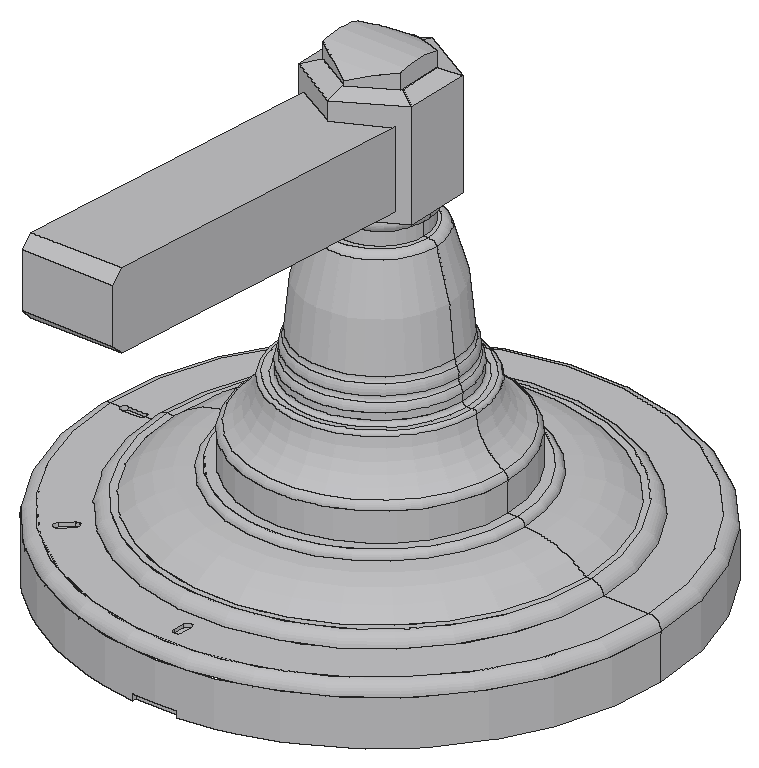
Revit family "Shower-Valve_Trim-KALLISTA-Town-P22713-1", category Specialty Equipment, host Face, Revit 2022 (continued)
Definition of nested family "P22713-LV"
  Automatic sketch dimensions
    Revolve 1 sketch curve to Revolve 1 sketch curve = 0.04932"
    Revolve 1 sketch curve to Revolve 1 sketch curve = 0"  (x7)
    Revolve 1 sketch curve to level = 0.19685"
    Revolve 1 sketch curve to Revolve 1 sketch curve = 0.7874"
    Extrusion 2 sketch curve to plane 3 "Center (Left/Right)" = 0.39214"
    Extrusion 2 sketch curve to plane 3 "Center (Left/Right)" = 0.00343"
    plane 3 "Center (Left/Right)" to Extrusion 2 sketch curve = 0.00521"
    plane 3 "Center (Left/Right)" to Extrusion 2 sketch curve = 0.40014"
    plane 1 "Center (Front/Back)" to Extrusion 2 sketch curve = 0.45451"
    plane 1 "Center (Front/Back)" to Extrusion 2 sketch curve = 0.23009"
    plane 1 "Center (Front/Back)" to Extrusion 2 sketch curve = 0.22151"
    Extrusion 2 sketch curve to plane 1 "Center (Front/Back)" = 0.2278"
    Extrusion 2 sketch curve to plane 1 "Center (Front/Back)" = 0.22919"
    Extrusion 2 sketch curve to Extrusion 2 sketch curve = 0.22802"
    plane 8 to Sweep 3 sketch curve = 0.12213"
    plane 1 "Center (Front/Back)" to Sweep 3 sketch curve = 0.12885"
    Sweep 3 sketch curve to plane 6 = 0.39226"
    Sweep 3 sketch curve to plane 6 = 0.20002"
    profile plane to Sweep 3 sketch curve = 0.08004"
    Sweep 3 sketch curve to profile plane = 0.45478"
    Sweep 3 sketch curve to plane 3 "Center (Left/Right)" = 0.32225"
    plane 3 "Center (Left/Right)" to Sweep 3 sketch curve = 0.31999"
    plane 8 to Extrusion 4 sketch curve = 0.34273"
    Extrusion 4 sketch curve to plane 6 = 0.10174"
    plane 8 to Extrusion 4 sketch curve = 0.28511"
    plane 8 to Extrusion 4 sketch curve = 0.00041"
    Extrusion 4 sketch curve to plane 8 = 0.075"
    Extrusion 4 sketch curve to plane 8 = 0.07692"
    Extrusion 4 sketch curve to Extrusion 4 sketch curve = 0.03196"
    Extrusion 4 sketch curve to Extrusion 4 sketch curve = 0.07733"
    Extrusion 4 sketch curve to Extrusion 4 sketch curve = 0.38368"
    Extrusion 4 sketch curve to Extrusion 4 sketch curve = 0.07541"
    Extrusion 4 sketch curve to Extrusion 4 sketch curve = 0.16563"
    Sweep 5 sketch curve to plane 3 "Center (Left/Right)" = 0.39214"
    Sweep 5 sketch curve to plane 3 "Center (Left/Right)" = 0.00343"
    plane 3 "Center (Left/Right)" to Sweep 5 sketch curve = 0.00521"
    plane 3 "Center (Left/Right)" to Sweep 5 sketch curve = 0.40014"
    plane 1 "Center (Front/Back)" to Sweep 5 sketch curve = 0.45451"
    plane 1 "Center (Front/Back)" to Sweep 5 sketch curve = 0.23009"
    plane 1 "Center (Front/Back)" to Sweep 5 sketch curve = 0.22151"
    Sweep 5 sketch curve to plane 1 "Center (Front/Back)" = 0.2278"
    Sweep 5 sketch curve to plane 1 "Center (Front/Back)" = 0.22919"
    Sweep 5 sketch curve to Sweep 5 sketch curve = 0.22802"
    Sweep 5 sketch curve to profile plane = 0"
    Sweep 5 sketch curve to profile plane = 0.11834"
    level to Sweep 5 sketch curve = 3.18286"
    Sweep 5 sketch curve to Sweep 5 sketch curve = 0.04075"
    Extrusion 6 sketch curve to plane 1 "Center (Front/Back)" = 0.02764"
    plane 4 to Extrusion 6 sketch curve = 0.18706"
    plane 1 "Center (Front/Back)" to Extrusion 6 sketch curve = 0.02818"
    Extrusion 6 sketch curve to Extrusion 6 sketch curve = 0.12193"
    Extrusion 6 sketch curve to plane 11 = 0.38034"
    Extrusion 6 sketch curve to Extrusion 6 sketch curve = 0.0219"  (x6)
    Extrusion 6 sketch curve to Extrusion 6 sketch curve = 0.06822"  (x2)
    Extrusion 6 sketch curve to plane 3 "Center (Left/Right)" = 0.0314"
    Extrusion 6 sketch curve to plane 3 "Center (Left/Right)" = 0.00023"
    Extrusion 6 sketch curve to plane 9 = 0.81443"
    Extrusion 6 sketch curve to plane 9 = 0.28708"
    Extrusion 6 sketch curve to Extrusion 6 sketch curve = 0.07652"
    Revolve 7 sketch curve to plane 4 = 0"
    Revolve 7 sketch curve to plane 3 "Center (Left/Right)" = 0"  (x2)
    Revolve 7 sketch curve to level = 0"
    plane 6 to Revolve 7 sketch curve = 5.40252"
    Revolve 7 sketch curve to plane 4 = 18.88588"
    Revolve 7 sketch curve to Revolve 7 sketch curve = 0.11174"
    Revolve 7 sketch curve to Revolve 7 sketch curve = 0.12247"
    Revolve 7 sketch curve to plane 11 = 0.51244"
    plane 11 to Revolve 7 sketch curve = 0.0198"
    Revolve 7 sketch curve to plane 3 "Center (Left/Right)" = 0.39187"
    Revolve 7 sketch curve to Revolve 7 sketch curve = 0.04591"
    Revolve 7 sketch curve to Revolve 7 sketch curve = 0.0326"
    Revolve 7 sketch curve to level = 0.22486"
    plane 7 to Revolve 7 sketch curve = 0.14914"
    Revolve 7 sketch curve to Revolve 7 sketch curve = 0.19685"
    Revolve 7 sketch curve to Revolve 7 sketch curve = 0.68144"
    Revolve 7 sketch curve to plane 6 = 1 47/256"
    Revolve 7 sketch curve to Revolve 7 sketch curve = 0.07585"
    Revolve 7 sketch curve to Revolve 7 sketch curve = 0.10198"
    Revolve 7 sketch curve to Revolve 7 sketch curve = 0.03674"
    Revolve 7 sketch curve to Revolve 7 sketch curve = 0"  (x3)
    Revolve 7 sketch curve to level = 0.98425"
    plane 7 to Revolve 7 sketch curve = 0.52488"
    plane 8 to Extrusion 8 sketch curve = 0.01386"
    plane 1 "Center (Front/Back)" to Extrusion 8 sketch curve = 0.14925"
    Extrusion 8 sketch curve to plane 6 = 0.84107"
    Extrusion 8 sketch curve to plane 6 = 0.65782"
    Extrusion 8 sketch curve to plane 6 = 0.29817"
    Extrusion 8 sketch curve to plane 6 = 0.11493"
    Revolve 9 sketch curve to plane 3 "Center (Left/Right)" = 0"  (x2)
    Revolve 9 sketch curve to plane 3 "Center (Left/Right)" = 0.24018"
    Revolve 9 sketch curve to Revolve 9 sketch curve = 0.42404"
    Revolve 9 sketch curve to Revolve 9 sketch curve = 0.11573"
    Revolve 9 sketch curve to plane 6 = 0.93228"
    Revolve 9 sketch curve to plane 6 = 0.275"
    Revolve 9 sketch curve to Revolve 9 sketch curve = 0.41102"
    Revolve 9 sketch curve to Revolve 9 sketch curve = 0.33772"
    Extrusion 10 sketch curve to level = 0"
    level to Extrusion 10 sketch curve = 0.04533"
    Extrusion 10 sketch curve to plane 3 "Center (Left/Right)" = 0.15927"
    plane 3 "Center (Left/Right)" to Extrusion 10 sketch curve = 0.15277"
    Extrusion 11 sketch curve to plane 3 "Center (Left/Right)" = 0"
    Extrusion 11 sketch curve to plane 3 "Center (Left/Right)" = 0.27886"
    plane 3 "Center (Left/Right)" to Extrusion 11 sketch curve = 0.00349"
    plane 3 "Center (Left/Right)" to Extrusion 11 sketch curve = 0.27713"
    plane 1 "Center (Front/Back)" to Extrusion 11 sketch curve = 0.31911"
    plane 1 "Center (Front/Back)" to Extrusion 11 sketch curve = 0.15913"
    plane 1 "Center (Front/Back)" to Extrusion 11 sketch curve = 0.1561"
    Extrusion 11 sketch curve to plane 1 "Center (Front/Back)" = 0.15784"
    Extrusion 11 sketch curve to plane 1 "Center (Front/Back)" = 0.16087"
    Extrusion 11 sketch curve to Extrusion 11 sketch curve = 0.16"
    Extrusion 12 sketch curve to plane 6 = 0.10116"
    plane 1 "Center (Front/Back)" to Extrusion 12 sketch curve = 0.44073"
    Extrusion 12 sketch curve to Extrusion 12 sketch curve = 0.11271"
    Extrusion 12 sketch curve to plane 1 "Center (Front/Back)" = 0.00045"
    Extrusion 12 sketch curve to plane 6 = 0.08846"
    Extrusion 12 sketch curve to plane 1 "Center (Front/Back)" = 0.31012"
    Extrusion 12 sketch curve to Extrusion 12 sketch curve = 0.07467"
    plane 6 to Extrusion 12 sketch curve = 0.05463"
    plane 3 "Center (Left/Right)" to curve 128 = 0.2902"
    curve 129 to curve 124 = 0.32636"
    curve 56 to plane 9 = 0"
    curve 56 to plane 10 = 0"
    plane 1 "Center (Front/Back)" to curve 55 = 0.49979"
    plane 1 "Center (Front/Back)" to curve 53 = 0.3429"
    curve 54 to curve 54 = 0.00215"
    curve 55 to curve 73 = 0.18231"
    curve 54 to curve 47 = 0.08914"
    curve 44 to curve 44 = 0.06815"
    curve 139 to curve 139 = 0.03693"
    curve 38 to plane 1 "Center (Front/Back)" = 0.0022"
    curve 41 to plane 1 "Center (Front/Back)" = 0.12616"
    curve 41 to curve 40 = 0.03402"
    curve 39 to curve 39 = 0.06815"
    curve 55 to plane 6 = 0.92387"
    curve 55 to curve 73 = 0.07115"
    curve 51 to curve 38 = 0.2309"
    curve 53 to plane 6 = 0.3188"
    curve 54 to curve 52 = 0.01636"
    curve 39 to plane 6 = 0.16357"
    curve 44 to curve 138 = 0.04095"
    curve 44 to curve 138 = 0.01455"
    curve 39 to curve 40 = 0.0179"
    curve 57 to plane 9 = 0.40299"
    curve 57 to curve 58 = 0.12677"
    curve 58 to curve 61 = 0.18015"
    curve 61 to curve 60 = 0.2063"
    curve 60 to curve 59 = 0.1682"
    curve 62 to curve 59 = 0"
    curve 62 to curve 63 = 0.02389"
    curve 63 to curve 65 = 0.19778"
    curve 65 to curve 64 = 0.07562"
    curve 55 to curve 55 = 0.09071"
    curve 64 to curve 68 = 0.02184"
    curve 68 to curve 67 = 0.02658"
    curve 67 to curve 66 = 0.0251"
    curve 55 to curve 73 = 0.0454"
    curve 52 to curve 54 = 0.11364"
    curve 53 to curve 52 = 0"
    curve 70 to curve 45 = 0.17934"
    curve 49 to curve 44 = 0.09169"
    curve 48 to curve 49 = 0"
    curve 49 to curve 43 = 0.00072"
    curve 49 to curve 50 = 0.00255"
    curve 55 to curve 72 = 0.00219"
    curve 71 to curve 45 = 0.08388"
    curve 69 to curve 71 = 0"
    curve 38 to curve 139 = 0"
    curve 38 to curve 43 = 0.01878"
    curve 42 to curve 69 = 0.08388"
    curve 42 to curve 71 = 0.08388"
    curve 71 to curve 72 = 0.00308"
    curve 39 to curve 48 = 0.09162"
    curve 49 to curve 48 = 0"
    curve 50 to curve 49 = 0"
    curve 69 to curve 70 = 0.09546"
    curve 66 to plane 1 "Center (Front/Back)" = 0.53298"
    curve 66 to curve 67 = 0.0251"
    curve 67 to curve 68 = 0.02658"
    curve 68 to curve 64 = 0.02184"
    curve 64 to curve 65 = 0.07562"
    curve 65 to curve 63 = 0.19778"
    curve 63 to curve 59 = 0.02389"
    curve 63 to curve 62 = 0.02389"
    curve 59 to curve 60 = 0.1682"
    curve 60 to curve 61 = 0.2063"
    curve 61 to curve 58 = 0.18015"
    curve 58 to curve 57 = 0.12677"
    curve 42 to curve 38 = 0.38558"
    curve 69 to curve 71 = 0.09986"
    curve 70 to curve 69 = 0.04755"
    curve 66 to curve 70 = 0.68032"
    curve 67 to curve 66 = 0.08635"
    curve 68 to curve 67 = 0.07369"
    curve 64 to curve 68 = 0.08912"
    curve 65 to curve 64 = 0.02935"
    curve 63 to curve 65 = 0.28708"
    curve 62 to curve 63 = 0.03734"
    curve 59 to curve 62 = 0.21547"
    curve 60 to curve 59 = 0.04562"
    curve 61 to curve 60 = 0.05386"
    curve 58 to curve 61 = 0.11405"
    curve 57 to curve 58 = 0.07639"
    plane 7 to curve 56 = 0.19296"
    curve 72 to curve 55 = 0.05645"
    curve 53 to curve 53 = 0.02206"
    curve 53 to curve 52 = 0.01278"
    curve 39 to curve 48 = 0.0513"
    curve 48 to curve 49 = 0.00755"
    curve 49 to curve 50 = 0.00963"
Definition of nested family "P22713-CR"
  Parameters
    Material = none
    Lever Handle = yes
    Default Elevation = 0"
    Cross Handle = yes
  Reference planes (in)
    plane 1 "Center (Front/Back)": y = 0
    plane 2: z = 0
    plane 3 "Center (Left/Right)": x = 0
    plane 4: x = -1.98819
    plane 5: x = 1.98819
    plane 6: z = 0.11811
    plane 7: y = -1.98819
    plane 8: y = 1.98819
    plane 9: x = -0.90551
    plane 10: x = 0.90551
    plane 11: z = 3.38583
    plane 12: x = -1.49606
    plane 13: x = 1.49606
    plane 14: y = -1.49606
    plane 15: y = 1.49606
    plane 16: y = 1.49606
    plane 17: x = -1.49606
    plane 18: x = 1.49606
  Forms (in)
    Revolve 1, solid, material <- "Material", visible <- "Cross Handle", detail levels medium+fine
      sketch origin (0, 0, 0) x (1, 0, 0) y (0, 0, 1)
        loop
          line (0, 2.69758) -> (-0.31336, 2.69758) -> (-0.31336, 2.43933)
          arc (-0.31336, 2.43933) -> (-0.35592, 2.39001) -> (-0.31336, 2.34069) r 0.04986
          line (-0.31336, 2.34069) -> (-0.31336, 2.23871) -> (-0.34487, 2.23871)
          arc (-0.34487, 2.23871) -> (-0.37908, 2.2281) -> (-0.40128, 2.2) r 0.06047
          arc (-0.40128, 2.2) -> (-0.49576, 1.87374) -> (-0.53289, 1.53611) r 1.97377
          arc (-0.53289, 1.53611) -> (-0.53599, 1.51661) -> (-0.54413, 1.49862) r 0.07394
          arc (-0.54413, 1.49862) -> (-0.5574, 1.46503) -> (-0.55778, 1.42892) r 0.09927
          arc (-0.55778, 1.42892) -> (-0.55835, 1.4095) -> (-0.56652, 1.39187) r 0.04838
          arc (-0.56652, 1.39187) -> (-0.57987, 1.36604) -> (-0.58448, 1.33732) r 0.09183
          line (-0.58448, 1.33732) -> (-0.58448, 1.28902)
          arc (-0.58448, 1.28902) -> (-0.59277, 1.26902) -> (-0.61277, 1.26073) r 0.02829
          arc (-0.61277, 1.26073) -> (-0.63406, 1.26158) -> (-0.65523, 1.26414) r 0.26608
          arc (-0.65523, 1.26414) -> (-0.67366, 1.25943) -> (-0.68278, 1.24274) r 0.02384
          arc (-0.68278, 1.24274) -> (-0.74215, 1.0707) -> (-0.8749, 0.94621) r 0.37878
          arc (-0.8749, 0.94621) -> (-0.8973, 0.92424) -> (-0.90551, 0.89397) r 0.05987
          line (-0.90551, 0.89397) -> (-0.90551, 0.69133) -> (-0.9756, 0.69133)
          arc (-0.9756, 0.69133) -> (-1.00921, 0.67707) -> (-1.02232, 0.64299) r 0.04674
          arc (-1.02232, 0.64299) -> (-1.25424, 0.60419) -> (-1.4535, 0.47933) r 0.60068
          line (-1.4535, 0.47933) -> (-1.49992, 0.47933)
          arc (-1.49992, 0.47933) -> (-1.55689, 0.45734) -> (-1.58431, 0.40277) r 0.08479
          line (-1.58431, 0.40277) -> (-1.90358, 0.40277)
          arc (-1.90358, 0.40277) -> (-1.96341, 0.37799) -> (-1.98819, 0.31816) r 0.08461
          line (-1.98819, 0.31816) -> (-1.98819, 0) -> (0, 0) -> (0, 2.69758)
        axis (0, 0) -> (0, 2.69758)
      angle from 0 to 360
    Sweep 2, solid, material <- "Material", visible <- "Cross Handle", detail levels medium+fine
      path origin (-5.70866, 0, 0) x (1, 0, 0) y (0, 0, 1)
        loop
          line (5.7034, 3.14459) -> (4.14815, 3.14459)
      profile origin (-0.78289, 0, 3.14459) x (0, 0, -1) y (0, -1, 0)
        loop
          line (0.47277, -0.30532) -> (0.47277, 0.30664) -> (0.0596, 0.30664) -> (0, 0) -> (0.05913, -0.30532) -> (0.47277, -0.30532)
    Extrusion 3, void
      sketch origin (0, 0, 0) x (1, 0, 0) y (0, 0, 1)
        loop
          line (-1.49702, 2.67182) -> (-1.49702, 3.06552) -> (-1.38479, 3.14459) -> (-1.56052, 3.14459) -> (-1.56052, 2.67182) -> (-1.49702, 2.67182)
      from -0.46727 to 0.47549
    Sweep 4, solid, material <- "Material", visible <- "Cross Handle", detail levels medium+fine
      path origin (5.70866, 0, 0) x (-1, 0, 0) y (0, 0, -1)
        loop
          line (5.71392, -3.14459) -> (4.14815, -3.14459)
      profile origin (0.77763, 0, 3.14459) x (0, 0, 1) y (0, -1, 0)
        loop
          line (-0.47277, -0.30532) -> (-0.05913, -0.30532) -> (0, 0) -> (-0.0596, 0.30664) -> (-0.47277, 0.30664) -> (-0.47277, -0.30532)
    Extrusion 5, void
      sketch origin (0, 0, 0) x (-1, 0, 0) y (0, 0, -1)
        loop
          line (-1.49702, -2.67182) -> (-1.56052, -2.67182) -> (-1.56052, -3.14459) -> (-1.38479, -3.14459) -> (-1.49702, -3.06552) -> (-1.49702, -2.67182)
      from -0.46727 to 0.47549
    Sweep 6, solid, material <- "Material", visible <- "Cross Handle", detail levels medium+fine
      path origin (-0.00526, 5.75784, 0) x (0, -1, 0) y (0, 0, 1)
        loop
          line (5.75784, 3.14459) -> (4.23674, 3.14459)
      profile origin (-0.00526, 0.76055, 3.14459) x (0, 0, -1) y (-1, 0, 0)
        loop
          line (0.47277, -0.30532) -> (0.47277, 0.30664) -> (0.0596, 0.30664) -> (0, 0) -> (0.05913, -0.30532) -> (0.47277, -0.30532)
    Extrusion 7, void
      sketch origin (0, 0, 0) x (0, 1, 0) y (0, 0, 1)
        loop
          line (1.49594, 3.06474) -> (1.49594, 2.65644) -> (1.53571, 2.65644) -> (1.53571, 3.15078) -> (1.37752, 3.15078) -> (1.49594, 3.06474)
      from -0.47545 to 0.61511
    Sweep 8, solid, material <- "Material", visible <- "Cross Handle", detail levels medium+fine
      path origin (-0.00526, -5.75784, 0) x (0, 1, 0) y (0, 0, -1)
        loop
          line (5.75784, -3.14459) -> (4.23674, -3.14459)
      profile origin (-0.00526, -0.76055, 3.14459) x (0, 0, 1) y (-1, 0, 0)
        loop
          line (-0.47277, -0.30532) -> (-0.05913, -0.30532) -> (0, 0) -> (-0.0596, 0.30664) -> (-0.47277, 0.30664) -> (-0.47277, -0.30532)
    Extrusion 9, void
      sketch origin (0, 0, 0) x (0, -1, 0) y (0, 0, -1)
        loop
          line (1.49594, -3.06474) -> (1.37752, -3.15078) -> (1.53571, -3.15078) -> (1.53571, -2.65644) -> (1.49594, -2.65644) -> (1.49594, -3.06474)
      from -0.47545 to 0.61511
    Revolve 10, solid, material <- "Material", visible <- "Cross Handle", detail levels medium+fine
      sketch origin (0, 0, 0) x (1, 0, 0) y (0, 0, 1)
        loop
          line (0, 3.30289) -> (-0.29179, 3.30289)
          arc (-0.29179, 3.30289) -> (-0.31112, 3.29488) -> (-0.31913, 3.27555) r 0.02734
          line (-0.31913, 3.27555) -> (-0.31913, 3.24412)
          arc (-0.31913, 3.24412) -> (-0.34601, 3.23287) -> (-0.35713, 3.20593) r 0.0382
          line (-0.35713, 3.20593) -> (-0.35713, 3.1451) -> (0, 3.1451) -> (0, 3.30289)
        axis (0, 3.1451) -> (0, 3.30289)
      angle from 0 to 360
    Revolve 11, solid, material <- "Material", visible <- "Cross Handle", detail levels medium+fine
      sketch origin (0, 0, 0) x (1, 0, 0) y (0, 0, 1)
        loop
          line (0, 2.67423) -> (0.35713, 2.67423) -> (0.35713, 3.20061)
          arc (0.35713, 3.20061) -> (0.34439, 3.23138) -> (0.31362, 3.24412) r 0.04351
          line (0.31362, 3.24412) -> (0, 3.24412) -> (0, 2.67423)
        axis (0, 2.67423) -> (0, 3.24412)
      angle from 0 to 360
    Extrusion 12, solid, material <- "Material", visible <- "Cross Handle", detail levels medium+fine
      sketch origin (0, 0, 0) x (1, 0, 0) y (0, 1, 0)
        loop
          line (0.1362, -0.23814) -> (0.27506, 0) -> (0.13786, 0.23763) -> (-0.13863, 0.23763) -> (-0.27535, 0.00133) -> (-0.1371, -0.23814) -> (0.1362, -0.23814)
      from 3.28135 to 3.38198
    Extrusion 13, void
      sketch origin (0, 0, 0) x (1, 0, 0) y (0, 0, 1)
        loop
          line (0.33664, 3.30031) -> (0.33664, 3.39936) -> (-0.34372, 3.41124) -> (-0.34372, 3.29043)
          arc (-0.34372, 3.29043) -> (-0.00473, 3.37724) -> (0.33664, 3.30031) r 0.74775
      from -0.31432 to 0.30664
    Extrusion 14, void
      sketch origin (0, 0, 0) x (1, 0, 0) y (0, 1, 0)
        loop
          line (-1.67803, 0.02805) -> (-1.8, 0.02805)
          arc (-1.8, 0.02805) -> (-1.828, 0.00005) -> (-1.8, -0.02795) r 0.028
          line (-1.8, -0.02795) -> (-1.67803, -0.02795)
          arc (-1.67803, -0.02795) -> (-1.65003, 0.00005) -> (-1.67803, 0.02805) r 0.028
        loop
          arc (-1.28605, -1.24183) -> (-1.28605, -1.2858) -> (-1.24208, -1.2858) r 0.03109
          line (-1.24208, -1.2858) -> (-1.17408, -1.2178)
          arc (-1.17408, -1.2178) -> (-1.17408, -1.17383) -> (-1.21805, -1.17383) r 0.03109
          line (-1.21805, -1.17383) -> (-1.28605, -1.24183)
        loop
          arc (-0.03146, -1.77837) -> (-0.00009, -1.80975) -> (0.03129, -1.77837) r 0.03138
          line (0.03129, -1.77837) -> (0.03129, -1.70165)
          arc (0.03129, -1.70165) -> (-0.00009, -1.67027) -> (-0.03146, -1.70165) r 0.03138
          line (-0.03146, -1.70165) -> (-0.03146, -1.77837)
      from 0.37697 to 0.47933
    Revolve 15, solid, material <- "Material", visible <- "Cross Handle", detail levels coarse
      sketch origin (0, -0.00626, 0.03784) x (1, 0, 0) y (0, 0, 1)
        loop
          line (0, 2.41417) -> (-0.34596, 2.41417)
          arc (-0.34596, 2.41417) -> (-0.3827, 2.37743) -> (-0.34596, 2.34069) r 0.03674
          line (-0.34596, 2.34069) -> (-0.31336, 2.34069) -> (-0.31336, 2.23871) -> (-0.39187, 2.23871)
          arc (-0.39187, 2.23871) -> (-0.43655, 2.22416) -> (-0.46408, 2.18608) r 0.07585
          arc (-0.46408, 2.18608) -> (-0.65741, 1.61273) -> (-0.86685, 1.04507) r 21.4392
          arc (-0.86685, 1.04507) -> (-1.00516, 0.83496) -> (-1.21836, 0.70148) r 0.59055
          arc (-1.21836, 0.70148) -> (-1.42947, 0.59556) -> (-1.60927, 0.44239) r 0.98425
          arc (-1.60927, 0.44239) -> (-1.67499, 0.39553) -> (-1.75398, 0.37899) r 0.19685
          line (-1.75398, 0.37899) -> (-1.87645, 0.37899)
          arc (-1.87645, 0.37899) -> (-1.95546, 0.34626) -> (-1.98819, 0.26725) r 0.11174
          line (-1.98819, 0.26725) -> (-1.98819, 0) -> (0, 0) -> (0, 2.41417)
        axis (0, 0) -> (0, 2.41417)
      angle from 0 to 360
    Extrusion 16, solid, material <- "Material", visible <- "Cross Handle", detail levels coarse
      sketch origin (0, 0, 0) x (1, 0, 0) y (0, 1, 0)
        loop
          line (0.30006, -1.49594) -> (0.30006, -0.30664) -> (1.49702, -0.30664) -> (1.49702, 0.30532) -> (0.30006, 0.30532) -> (0.30006, 1.49594) -> (-0.3119, 1.49594) -> (-0.3119, 0.30532) -> (-1.49702, 0.30532) -> (-1.49702, -0.30664) -> (-0.3119, -0.30664) -> (-0.3119, -1.49594) -> (0.30006, -1.49594)
      from 2.67182 to 3.14459
    Revolve 17, solid, material <- "Material", visible <- "Cross Handle", detail levels coarse
      sketch origin (0, 0, 0) x (1, 0, 0) y (0, 0, 1)
        loop
          line (0, 3.38583) -> (-0.16028, 3.38583)
          arc (-0.16028, 3.38583) -> (-0.29948, 3.32817) -> (-0.35713, 3.18898) r 0.19685
          line (-0.35713, 3.18898) -> (-0.35713, 2.49602)
          arc (-0.35713, 2.49602) -> (-0.34037, 2.45554) -> (-0.2999, 2.43878) r 0.05724
          line (-0.2999, 2.43878) -> (0, 2.43878) -> (0, 3.38583)
        axis (0, 2.43878) -> (0, 3.38583)
      angle from 0 to 360
    Extrusion 18, void
      sketch origin (0, 0, 0) x (1, 0, 0) y (0, 0, 1)
        loop
          line (-0.16256, 0) -> (0.15294, 0) -> (0.15294, 0.04324) -> (-0.16256, 0.04324) -> (-0.16256, 0)
      from 1.94291 to 2.05482
  Cuts and joins
    Extrusion 3, Extrusion 5 cuts Sweep 2
    Extrusion 5 cuts Sweep 4
    Extrusion 7, Extrusion 9 cuts Sweep 6
    Extrusion 9 cuts Sweep 8
    Extrusion 13 cuts Extrusion 12
    Extrusion 14, Extrusion 18 cuts Revolve 1
  Lines and regions (in)
    Masking region 1, visible <- "Cross Handle"
      outline origin (0, 0, 0) x (1, 0, 0) y (0, 0, 1)
        loop
          line (-1.98819, 0) -> (-0.16256, 0) -> (-0.16256, 0.04324) -> (0.15294, 0.04324) -> (0.15294, 0) -> (1.98819, 0) -> (1.98819, 0.30284)
          arc (1.98819, 0.30284) -> (1.95868, 0.37408) -> (1.88744, 0.40359) r 0.10075
          line (1.88744, 0.40359) -> (1.58419, 0.40359)
          arc (1.58419, 0.40359) -> (1.55455, 0.45748) -> (1.49706, 0.47933) r 0.0891
          line (1.49706, 0.47933) -> (1.4535, 0.47933)
          arc (1.4535, 0.47933) -> (1.25424, 0.60419) -> (1.02232, 0.64299) r 0.60068
          arc (1.02232, 0.64299) -> (1.00921, 0.67707) -> (0.9756, 0.69133) r 0.04674
          line (0.9756, 0.69133) -> (0.90628, 0.69133) -> (0.90628, 0.90897)
          arc (0.90628, 0.90897) -> (0.90065, 0.9278) -> (0.8856, 0.94044) r 0.03429
          arc (0.8856, 0.94044) -> (0.79378, 1.0011) -> (0.72847, 1.08968) r 0.3146
          arc (0.72847, 1.08968) -> (0.6995, 1.16296) -> (0.68303, 1.24001) r 0.47522
          arc (0.68303, 1.24001) -> (0.67517, 1.25481) -> (0.65949, 1.26073) r 0.02374
          line (0.65949, 1.26073) -> (0.60423, 1.26073)
          arc (0.60423, 1.26073) -> (0.59026, 1.26652) -> (0.58448, 1.28048) r 0.01975
          line (0.58448, 1.28048) -> (0.58448, 1.33732)
          arc (0.58448, 1.33732) -> (0.57987, 1.36604) -> (0.56652, 1.39187) r 0.09183
          arc (0.56652, 1.39187) -> (0.55835, 1.4095) -> (0.55778, 1.42892) r 0.04838
          arc (0.55778, 1.42892) -> (0.55528, 1.47375) -> (0.5333, 1.51289) r 0.09927
          arc (0.5333, 1.51289) -> (0.49798, 1.86234) -> (0.40128, 2.2) r 1.97377
          arc (0.40128, 2.2) -> (0.37908, 2.2281) -> (0.34487, 2.23871) r 0.06047
          line (0.34487, 2.23871) -> (0.31336, 2.23871) -> (0.31336, 2.34069)
          arc (0.31336, 2.34069) -> (0.3558, 2.3865) -> (0.32022, 2.43782) r 0.04986
          line (0.32022, 2.43782) -> (0.32022, 2.67423) -> (1.49606, 2.67423) -> (1.49606, 3.07023) -> (1.38724, 3.1451) -> (0.35713, 3.1451) -> (0.35713, 3.20593)
          arc (0.35713, 3.20593) -> (0.34601, 3.23287) -> (0.31913, 3.24412) r 0.0382
          line (0.31913, 3.24412) -> (0.31913, 3.28361)
          arc (0.31913, 3.28361) -> (0.31074, 3.31014) -> (0.28864, 3.32705) r 0.04619
          arc (0.28864, 3.32705) -> (0.23692, 3.34469) -> (0.1846, 3.36046) r 1.51601
          arc (0.1846, 3.36046) -> (0, 3.38598) -> (-0.1846, 3.36046) r 0.6805
          arc (-0.1846, 3.36046) -> (-0.23692, 3.34469) -> (-0.28864, 3.32705) r 1.51601
          arc (-0.28864, 3.32705) -> (-0.31074, 3.31014) -> (-0.31913, 3.28361) r 0.04619
          line (-0.31913, 3.28361) -> (-0.31913, 3.24412)
          arc (-0.31913, 3.24412) -> (-0.34601, 3.23287) -> (-0.35713, 3.20593) r 0.0382
          line (-0.35713, 3.20593) -> (-0.35713, 3.1451) -> (-1.38724, 3.1451) -> (-1.49606, 3.07023) -> (-1.49606, 2.67423) -> (-0.32022, 2.67423) -> (-0.32022, 2.43782)
          arc (-0.32022, 2.43782) -> (-0.3558, 2.3865) -> (-0.31336, 2.34069) r 0.04986
          line (-0.31336, 2.34069) -> (-0.31336, 2.23871) -> (-0.34487, 2.23871)
          arc (-0.34487, 2.23871) -> (-0.37908, 2.2281) -> (-0.40128, 2.2) r 0.06047
          arc (-0.40128, 2.2) -> (-0.49798, 1.86234) -> (-0.5333, 1.51289) r 1.97377
          arc (-0.5333, 1.51289) -> (-0.55528, 1.47375) -> (-0.55778, 1.42892) r 0.09927
          arc (-0.55778, 1.42892) -> (-0.55835, 1.4095) -> (-0.56652, 1.39187) r 0.04838
          arc (-0.56652, 1.39187) -> (-0.57987, 1.36604) -> (-0.58448, 1.33732) r 0.09183
          line (-0.58448, 1.33732) -> (-0.58448, 1.28048)
          arc (-0.58448, 1.28048) -> (-0.59026, 1.26652) -> (-0.60423, 1.26073) r 0.01975
          line (-0.60423, 1.26073) -> (-0.65949, 1.26073)
          arc (-0.65949, 1.26073) -> (-0.67517, 1.25481) -> (-0.68303, 1.24001) r 0.02374
          arc (-0.68303, 1.24001) -> (-0.6995, 1.16296) -> (-0.72847, 1.08968) r 0.47522
          arc (-0.72847, 1.08968) -> (-0.79378, 1.0011) -> (-0.8856, 0.94044) r 0.3146
          arc (-0.8856, 0.94044) -> (-0.90065, 0.9278) -> (-0.90628, 0.90897) r 0.03429
          line (-0.90628, 0.90897) -> (-0.90628, 0.69133) -> (-0.9756, 0.69133)
          arc (-0.9756, 0.69133) -> (-1.00921, 0.67707) -> (-1.02232, 0.64299) r 0.04674
          arc (-1.02232, 0.64299) -> (-1.25424, 0.60419) -> (-1.4535, 0.47933) r 0.60068
          line (-1.4535, 0.47933) -> (-1.49706, 0.47933)
          arc (-1.49706, 0.47933) -> (-1.55455, 0.45748) -> (-1.58419, 0.40359) r 0.0891
          line (-1.58419, 0.40359) -> (-1.88744, 0.40359)
          arc (-1.88744, 0.40359) -> (-1.95868, 0.37408) -> (-1.98819, 0.30284) r 0.10075
          line (-1.98819, 0.30284) -> (-1.98819, 0)
    Masking region 2, visible <- "Cross Handle"
      outline origin (0, 0, 0) x (0, 1, 0) y (0, 0, 1)
        loop
          line (1.98819, 0) -> (1.98819, 0.31107)
          arc (1.98819, 0.31107) -> (1.96127, 0.37606) -> (1.89627, 0.40299) r 0.09192
          line (1.89627, 0.40299) -> (1.5852, 0.40299)
          arc (1.5852, 0.40299) -> (1.56282, 0.45701) -> (1.5088, 0.47938) r 0.07639
          line (1.5088, 0.47938) -> (1.45843, 0.47938)
          arc (1.45843, 0.47938) -> (1.27828, 0.59343) -> (1.07198, 0.64729) r 0.69274
          arc (1.07198, 0.64729) -> (1.03804, 0.65569) -> (1.00781, 0.67327) r 0.12361
          arc (1.00781, 0.67327) -> (0.98419, 0.68682) -> (0.95764, 0.69291) r 0.09255
          line (0.95764, 0.69291) -> (0.90378, 0.69291) -> (0.90378, 0.90838)
          arc (0.90378, 0.90838) -> (0.8973, 0.93055) -> (0.87989, 0.94572) r 0.04113
          arc (0.87989, 0.94572) -> (0.74165, 1.06215) -> (0.68211, 1.23281) r 0.34179
          arc (0.68211, 1.23281) -> (0.67219, 1.25368) -> (0.65069, 1.26216) r 0.03149
          line (0.65069, 1.26216) -> (0.60649, 1.26216)
          arc (0.60649, 1.26216) -> (0.59105, 1.26856) -> (0.58465, 1.284) r 0.02184
          line (0.58465, 1.284) -> (0.58465, 1.35128)
          arc (0.58465, 1.35128) -> (0.58066, 1.37221) -> (0.56926, 1.39021) r 0.05692
          arc (0.56926, 1.39021) -> (0.55977, 1.40633) -> (0.55807, 1.42497) r 0.04273
          arc (0.55807, 1.42497) -> (0.55457, 1.47077) -> (0.53298, 1.51132) r 0.11204
          arc (0.53298, 1.51132) -> (0.51361, 1.79641) -> (0.44584, 2.07399) r 1.6667
          arc (0.44584, 2.07399) -> (0.42642, 2.13271) -> (0.40768, 2.19165) r 5.31065
          arc (0.40768, 2.19165) -> (0.38317, 2.22603) -> (0.34306, 2.2392) r 0.06768
          line (0.34306, 2.2392) -> (0.31222, 2.2392) -> (0.31222, 2.33905)
          arc (0.31222, 2.33905) -> (0.35322, 2.37895) -> (0.33008, 2.43127) r 0.05009
          line (0.33008, 2.43127) -> (0.33008, 2.67181) -> (1.49606, 2.67181) -> (1.49606, 3.0746) -> (1.39709, 3.14269) -> (0.36698, 3.14269) -> (0.36698, 3.20351)
          arc (0.36698, 3.20351) -> (0.35586, 3.23046) -> (0.32898, 3.24171) r 0.0382
          line (0.32898, 3.24171) -> (0.32898, 3.2812)
          arc (0.32898, 3.2812) -> (0.3206, 3.30773) -> (0.29849, 3.32464) r 0.04619
          arc (0.29849, 3.32464) -> (0.24677, 3.34228) -> (0.19446, 3.35805) r 1.51601
          arc (0.19446, 3.35805) -> (0.00985, 3.38357) -> (-0.17475, 3.35805) r 0.6805
          arc (-0.17475, 3.35805) -> (-0.22707, 3.34228) -> (-0.27879, 3.32464) r 1.51601
          arc (-0.27879, 3.32464) -> (-0.30089, 3.30773) -> (-0.30928, 3.2812) r 0.04619
          line (-0.30928, 3.2812) -> (-0.30928, 3.24171)
          arc (-0.30928, 3.24171) -> (-0.33616, 3.23046) -> (-0.34728, 3.20351) r 0.0382
          line (-0.34728, 3.20351) -> (-0.34728, 3.14269) -> (-1.37738, 3.14269) -> (-1.49606, 3.06104) -> (-1.49606, 2.67181) -> (-0.31037, 2.67181) -> (-0.31037, 2.43816)
          arc (-0.31037, 2.43816) -> (-0.35412, 2.38941) -> (-0.31222, 2.33905) r 0.05009
          line (-0.31222, 2.33905) -> (-0.31222, 2.2392) -> (-0.34306, 2.2392)
          arc (-0.34306, 2.2392) -> (-0.38317, 2.22603) -> (-0.40768, 2.19165) r 0.06768
          arc (-0.40768, 2.19165) -> (-0.42642, 2.13271) -> (-0.44584, 2.07399) r 5.31065
          arc (-0.44584, 2.07399) -> (-0.51361, 1.79641) -> (-0.53298, 1.51132) r 1.6667
          arc (-0.53298, 1.51132) -> (-0.55457, 1.47077) -> (-0.55807, 1.42497) r 0.11204
          arc (-0.55807, 1.42497) -> (-0.55977, 1.40633) -> (-0.56926, 1.39021) r 0.04273
          arc (-0.56926, 1.39021) -> (-0.58066, 1.37221) -> (-0.58465, 1.35128) r 0.05692
          line (-0.58465, 1.35128) -> (-0.58465, 1.284)
          arc (-0.58465, 1.284) -> (-0.59105, 1.26856) -> (-0.60649, 1.26216) r 0.02184
          line (-0.60649, 1.26216) -> (-0.65069, 1.26216)
          arc (-0.65069, 1.26216) -> (-0.67219, 1.25368) -> (-0.68211, 1.23281) r 0.03149
          arc (-0.68211, 1.23281) -> (-0.74165, 1.06215) -> (-0.87989, 0.94572) r 0.34179
          arc (-0.87989, 0.94572) -> (-0.8973, 0.93055) -> (-0.90378, 0.90838) r 0.04113
          line (-0.90378, 0.90838) -> (-0.90378, 0.69291) -> (-0.95764, 0.69291)
          arc (-0.95764, 0.69291) -> (-0.98419, 0.68682) -> (-1.00781, 0.67327) r 0.09255
          arc (-1.00781, 0.67327) -> (-1.03804, 0.65569) -> (-1.07198, 0.64729) r 0.12361
          arc (-1.07198, 0.64729) -> (-1.27828, 0.59343) -> (-1.45843, 0.47938) r 0.69274
          line (-1.45843, 0.47938) -> (-1.5088, 0.47938)
          arc (-1.5088, 0.47938) -> (-1.56282, 0.45701) -> (-1.5852, 0.40299) r 0.07639
          line (-1.5852, 0.40299) -> (-1.89627, 0.40299)
          arc (-1.89627, 0.40299) -> (-1.96127, 0.37606) -> (-1.98819, 0.31107) r 0.09192
          line (-1.98819, 0.31107) -> (-1.98819, 0) -> (-0.13519, 0) -> (1.98819, 0)
    Masking region 3, visible <- "Cross Handle"
      outline origin (0, 0, 0) x (1, 0, 0) y (0, 1, 0)
        loop
          circle (0, 0) r 1.98819
    symbolic lines, visible <- "Cross Handle", detail levels medium+fine
      curve 1: line (-0.5333, 0, 1.51289) -> (0.5333, 0, 1.51289)
      curve 2: line (-0.55778, 0, 1.42892) -> (0.55778, 0, 1.42892)
      curve 3: line (-0.58448, 0, 1.33732) -> (0.58448, 0, 1.33732)
      curve 4: line (0.60423, 0, 1.26073) -> (-0.60423, 0, 1.26073)
      curve 5: line (-0.58448, 0, 1.28048) -> (0.58448, 0, 1.28048)
      curve 6: line (-0.90628, 0, 0.90897) -> (0.90628, 0, 0.90897)
      curve 7: line (-0.8856, 0, 0.94044) -> (0.8856, 0, 0.94044)
      curve 8: line (-0.90628, 0, 0.69133) -> (0.90628, 0, 0.69133)
      curve 9: line (-1.98819, 0, 0.30284) -> (1.98819, 0, 0.30284)
      curve 10: line (-1.58419, 0, 0.40359) -> (1.58419, 0, 0.40359)
      curve 11: line (-1.4535, 0, 0.47933) -> (1.4535, 0, 0.47933)
      curve 12: line (-1.02232, 0, 0.64299) -> (1.05986, 0, 0.64299)
      curve 13: line (0, 1.98819, 0.31107) -> (0, -1.98819, 0.31107)
      curve 14: line (0, -1.5852, 0.40299) -> (0, 1.5852, 0.40299)
      curve 15: line (0, 1.45843, 0.47938) -> (0, -1.45843, 0.47938)
      curve 16: line (0, 0.90378, 0.69291) -> (0, -0.90378, 0.69291)
      curve 17: line (0, 1.07198, 0.64729) -> (0, -1.07198, 0.64729)
      curve 18: line (0, 1.27828, 0.59343) -> (0, -1.27828, 0.59343)
      curve 19: line (0, 0.90378, 0.90838) -> (0, -0.90378, 0.90838)
      curve 20: line (0, 0.87989, 0.94572) -> (0, -0.87989, 0.94572)
      curve 21: line (0, 0.60649, 1.26216) -> (0, -0.60649, 1.26216)
      curve 22: line (0, 0.68211, 1.23281) -> (0, -0.68211, 1.23281)
      curve 23: line (0, 0.53298, 1.51132) -> (0, -0.53298, 1.51132)
      curve 24: line (0, 0.55807, 1.42497) -> (0, -0.55807, 1.42497)
      curve 25: line (0, 0.58465, 1.35128) -> (0, -0.58465, 1.35128)
      curve 26: line (0, 0.31222, 2.2392) -> (0, -0.31222, 2.2392)
      curve 27: line (0, 0.40768, 2.19165) -> (0, -0.40768, 2.19165)
      curve 28: line (0, 0.31222, 2.33905) -> (0, -0.31222, 2.33905)
      curve 29: arc (0.30783, -0.98303, 0) -> (0.72862, -0.72816, 0) -> (0.98322, -0.30722, 0) r 1.0301
      curve 30: line (-1.38724, 0, 3.1451) -> (-1.38724, 0, 2.67423)
      curve 31: line (-1.49606, 0, 3.07023) -> (1.49606, 0, 3.07023)
      curve 32: line (1.38724, 0, 3.1451) -> (1.38724, 0, 2.67423)
      curve 33: line (-0.35713, 0, 3.1451) -> (0.35713, 0, 3.1451)
      curve 34: line (-0.31913, 0, 3.24412) -> (0.31913, 0, 3.24412)
      curve 35: line (-0.28864, 0, 3.32705) -> (0.28864, 0, 3.32705)
      curve 36: line (-0.31913, 0, 3.24412) -> (-0.31913, 0, 3.1451)
      curve 37: line (0.31913, 0, 3.24412) -> (0.31913, 0, 3.1451)
      curve 38: line (-0.35713, 0, 3.20593) -> (0.35713, 0, 3.20593)
      curve 39: line (-0.32022, 0, 2.67423) -> (0.32022, 0, 2.67423)
      curve 40: line (-0.32022, 0, 2.67423) -> (-0.32022, 0, 3.07023)
      curve 41: line (0.32022, 0, 2.67423) -> (0.32022, 0, 3.07023)
      curve 42: line (0, 0, 3.1451) -> (0.32022, 0, 3.07023)
      curve 43: line (-0.32022, 0, 3.07023) -> (0, 0, 3.1451)
      curve 44: arc (-0.35713, 0, 3.1451) -> (-0.3443, 0, 3.1049) -> (-0.32022, 0, 3.07023) r 0.14214
      curve 45: arc (0.35713, 0, 3.1451) -> (0.3443, 0, 3.1049) -> (0.32022, 0, 3.07023) r 0.14214
      curve 46: line (-0.31644, 0, 2.43878) -> (0.31644, 0, 2.43878)
      curve 47: line (-0.31336, 0, 2.34069) -> (0.31336, 0, 2.34069)
      curve 48: line (-0.31336, 0, 2.23871) -> (0.34487, 0, 2.23871)
      curve 49: line (0, 0.33008, 2.67181) -> (0, -0.31037, 2.67181)
      curve 50: line (0, 1.39709, 3.14269) -> (0, 1.39709, 2.67181)
      curve 51: line (0, 1.50592, 3.06782) -> (0, -1.48621, 3.06782)
      curve 52: line (0, -1.37738, 3.14269) -> (0, -1.37738, 2.67181)
      curve 53: line (0, 0.36698, 3.14269) -> (0, -0.34728, 3.14269)
      curve 54: line (0, 0.32898, 3.24171) -> (0, -0.30928, 3.24171)
      curve 55: line (0, 0.29849, 3.32464) -> (0, -0.27879, 3.32464)
      curve 56: line (0, -0.31037, 3.06782) -> (0, -0.31037, 2.67181)
      curve 57: line (0, 0, 3.14269) -> (0, -0.31037, 3.06782)
      curve 58: arc (0, -0.31037, 3.06782) -> (0, -0.34231, 3.09861) -> (0, -0.34728, 3.14269) r 0.06546
      curve 59: line (0, 0.33008, 2.67181) -> (0, 0.33008, 3.06782)
      curve 60: line (0, 0.33008, 3.06782) -> (0, 0, 3.14269)
      curve 61: arc (0, 0.36698, 3.14269) -> (0, 0.356, 3.10157) -> (0, 0.33008, 3.06782) r 0.10872
      curve 62: line (-0.36952, 0.30564, 0) -> (-0.84814, 0.30564, 0)
      curve 63: line (-0.37395, -0.30746, 0) -> (-0.84748, -0.30746, 0)
      curve 64: line (-0.30824, -0.37317, 0) -> (-0.30824, -1.36853, 0)
      curve 65: line (0.30783, -1.34675, 0) -> (0.30783, -0.35879, 0)
      curve 66: line (0.35941, -0.30722, 0) -> (0.84757, -0.30722, 0)
      curve 67: line (0.35553, 0.30677, 0) -> (0.84773, 0.30677, 0)
      curve 68: line (-0.30484, 0.37032, 0) -> (-0.30484, 0.84843, 0)
      curve 69: line (0.31005, 1.34234, 0) -> (0.31005, 0.84654, 0)
      curve 70: line (-0.30484, 1.35512, 0) -> (-0.20615, 1.49606, 0)
      curve 71: line (0.31005, 1.34234, 0) -> (0.22129, 1.49606, 0)
      curve 72: line (-1.34373, 0.30564, 0) -> (-1.49606, 0.21769, 0)
      curve 73: line (-1.34909, -0.30746, 0) -> (-1.49606, -0.2226, 0)
      curve 74: line (-0.30824, -1.36853, 0) -> (-0.18071, -1.49606, 0)
      curve 75: line (0.30783, -1.34675, 0) -> (0.22162, -1.49606, 0)
      curve 76: line (1.35708, 0.30677, 0) -> (1.49606, 0.20945, 0)
      curve 77: line (1.35708, -0.30722, 0) -> (1.49606, -0.2099, 0)
      curve 78: arc (-0.30484, 0.37032, 0) -> (-0.32378, 0.32459, 0) -> (-0.36952, 0.30564, 0) r 0.06468
      curve 79: arc (-0.30824, -0.37317, 0) -> (-0.32749, -0.32671, 0) -> (-0.37395, -0.30746, 0) r 0.06571
      curve 80: arc (0.30783, -0.35879, 0) -> (0.32294, -0.32232, 0) -> (0.35941, -0.30722, 0) r 0.05158
      curve 81: arc (0.31005, 0.35226, 0) -> (0.32337, 0.32009, 0) -> (0.35553, 0.30677, 0) r 0.04549
      curve 82: arc (-0.26617, 1.41034, 0) -> (-1.01446, 1.01527, 0) -> (-1.41012, 0.26731, 0) r 1.43524
      curve 83: arc (-0.30484, 0.53107, 0) -> (-0.43266, 0.43332, 0) -> (-0.5306, 0.30564, 0) r 0.61234
      curve 84: arc (0.52995, 0.30677, 0) -> (0.43433, 0.43165, 0) -> (0.31005, 0.52804, 0) r 0.61234
      curve 85: arc (-0.52955, -0.30746, 0) -> (-0.43331, -0.43267, 0) -> (-0.30824, -0.5291, 0) r 0.61234
      curve 86: arc (0.30783, -0.52934, 0) -> (0.43324, -0.43274, 0) -> (0.52969, -0.30722, 0) r 0.61234
      curve 87: arc (-0.67213, -0.30746, 0) -> (-0.52293, -0.52233, 0) -> (-0.30824, -0.67177, 0) r 0.73911
      curve 88: arc (0.30783, -0.67196, 0) -> (0.52287, -0.52239, 0) -> (0.67224, -0.30722, 0) r 0.73911
      curve 89: arc (0.67244, 0.30677, 0) -> (0.5239, 0.52135, 0) -> (0.31005, 0.67094, 0) r 0.73911
      curve 90: arc (-0.30484, 0.67332, 0) -> (-0.52232, 0.52294, 0) -> (-0.67296, 0.30564, 0) r 0.73911
      curve 91: arc (-0.30484, 1.27395, 0) -> (-0.92595, 0.92654, 0) -> (-1.27376, 0.30564, 0) r 1.30991
      curve 92: arc (1.27348, 0.30677, 0) -> (0.92125, 0.93122, 0) -> (0.29305, 1.27671, 0) r 1.30991
      curve 93: line (-0.84814, 0.30564, 0) -> (-1.27376, 0.30564, 0)
      curve 94: line (-0.84748, -0.30746, 0) -> (-1.27332, -0.30746, 0)
      curve 95: arc (0.30783, -1.27323, 0) -> (0.92647, -0.92602, 0) -> (1.27338, -0.30722, 0) r 1.30991
      curve 96: line (-1.27376, 0.30564, 0) -> (-1.34373, 0.30564, 0)
      curve 97: line (-1.27332, -0.30746, 0) -> (-1.34909, -0.30746, 0)
      curve 98: line (-0.30484, 0.84843, 0) -> (-0.30484, 1.35512, 0)
      curve 99: line (0.31005, 0.84654, 0) -> (0.31005, 0.35226, 0)
      curve 100: line (0.84773, 0.30677, 0) -> (0.98336, 0.30677, 0)
      curve 101: line (0.84757, -0.30722, 0) -> (0.98322, -0.30722, 0)
      curve 102: arc (-1.27332, -0.30746, 0) -> (-0.92653, -0.92596, 0) -> (-0.30824, -1.27313, 0) r 1.30991
      curve 103: line (0.98336, 0.30677, 0) -> (1.35708, 0.30677, 0)
      curve 104: line (0.98322, -0.30722, 0) -> (1.35708, -0.30722, 0)
      curve 105: arc (0.98336, 0.30677, 0) -> (0.7296, 0.72718, 0) -> (0.31005, 0.98233, 0) r 1.0301
      curve 106: circle (0, 0, 0) r 1.85039 normal (0, 0, 1)
      curve 107: circle (0.02035, 0, 0) r 0.36074 normal (0, 0, 1)
      curve 108: circle (0.03506, 0, 0) r 0.32782 normal (0, 0, 1)
      curve 109: line (-0.13253, 0.27877, 0) -> (0.18173, 0.27877, 0)
      curve 110: line (0.18173, 0.27877, 0) -> (0.3446, 0, 0)
      curve 111: line (0.3446, 0, 0) -> (0.17483, -0.28254, 0)
      curve 112: line (0.17483, -0.28254, 0) -> (-0.13117, -0.28254, 0)
      curve 113: line (-0.29276, 0, 0) -> (-0.13253, 0.27877, 0)
      curve 114: line (-0.10872, 0.24084, 0) -> (0.16627, 0.24084, 0)
      curve 115: line (0.16627, 0.24084, 0) -> (0.30532, 0, 0)
      curve 116: line (0.30532, 0, 0) -> (0.16683, -0.23986, 0)
      curve 117: line (0.16683, -0.23986, 0) -> (-0.10585, -0.23986, 0)
      curve 118: line (-0.10585, -0.23986, 0) -> (-0.23881, 0, 0)
      curve 119: line (-0.23881, 0, 0) -> (-0.10872, 0.24084, 0)
      curve 120: line (-0.29276, 0, 0) -> (-0.13117, -0.28254, 0)
      curve 121: line (-0.36952, 0.30564, 0) -> (-0.27335, 0.20947, 0)
      curve 122: line (-0.30484, 0.37032, 0) -> (-0.21117, 0.27665, 0)
      curve 123: line (0.35553, 0.30677, 0) -> (0.28924, 0.24048, 0)
      curve 124: line (0.31005, 0.35226, 0) -> (0.24223, 0.28444, 0)
      curve 125: line (-0.21062, -0.27711, 0) -> (-0.31209, -0.37858, 0)
      curve 126: line (-0.28157, -0.19745, 0) -> (-0.37395, -0.30746, 0)
      curve 127: line (0.30269, -0.22454, 0) -> (0.38537, -0.30722, 0)
      curve 128: line (0.30783, -0.35879, 0) -> (0.23727, -0.28824, 0)
      curve 129: line (-1.49606, 0.21769, 0) -> (-1.49606, -0.2226, 0)
      curve 130: line (0.22162, -1.49606, 0) -> (-0.18071, -1.49606, 0)
      curve 131: line (1.49606, 0.20945, 0) -> (1.49606, -0.2099, 0)
      curve 132: line (0.22129, 1.49606, 0) -> (-0.20615, 1.49606, 0)
      curve 133: arc (-0.30484, 0.98396, 0) -> (-1.0301, 0.00178, 0) -> (-0.30824, -0.9829, 0) r 1.0301
      curve 134: arc (1.40961, 0.26999, 0) -> (1.01536, 1.01437, 0) -> (0.27136, 1.40935, 0) r 1.43524
      curve 135: arc (0.27173, -1.40928, 0) -> (1.01531, -1.01442, 0) -> (1.40951, -0.2705, 0) r 1.43524
      curve 136: arc (-1.40907, -0.27283, 0) -> (-1.01258, -1.01714, 0) -> (-0.2665, -1.41028, 0) r 1.43524
      curve 137: arc (-1.8, 0.02805, 0) -> (-1.828, 0.00005, 0) -> (-1.8, -0.02795, 0) r 0.028
      curve 138: line (-1.67803, 0.02805, 0) -> (-1.8, 0.02805, 0)
      curve 139: line (-1.8, -0.02795, 0) -> (-1.67803, -0.02795, 0)
      curve 140: arc (-1.67803, -0.02795, 0) -> (-1.65003, 0.00005, 0) -> (-1.67803, 0.02805, 0) r 0.028
      curve 141: line (-1.21805, -1.17383, 0) -> (-1.28605, -1.24183, 0)
      curve 142: line (-1.24208, -1.2858, 0) -> (-1.17408, -1.2178, 0)
      curve 143: arc (-1.17408, -1.2178, 0) -> (-1.17408, -1.17383, 0) -> (-1.21805, -1.17383, 0) r 0.03109
      curve 144: arc (-1.28605, -1.24183, 0) -> (-1.28605, -1.2858, 0) -> (-1.24208, -1.2858, 0) r 0.03109
  Dimensions and locks (in)
    aligned and locked: plane 2 to level
Types (6): name | Type | Product Page URL | Model | Lever Handle | Length | Handle Clearance | Finish | Distance | Description | Cross Handle
  (no name) | 5 | "https://www.kallista.com/products/luxury-bathroom/showering/shower-trim/for-town-volume-control-trim-lever-handle-p22713-lv/cp-polished-chrome" | "P22713-LV-CP" | yes | 3.34646" | 2.75591" | Kallista-Metal-CP-Chrome | 0" | "Volume Control Trim, Lever Handle" | no
  Cross Handle, AD-Nickel Silver | 1 | "https://www.kallista.com/products/luxury-bathroom/showering/shower-trim/for-town-volume-control-trim-cross-handle-p22713-cr/ad-nickel-silver" | "P22713-CR-AD" | no | 3.38583" | 2.99213" | Kallista-Metal-AD-Nickel_Silver | 1.49606" | "Volume Control Trim ,Cross Handle" | yes
  Cross Handle, AG-Brushed Nickel | 2 | "" | "P22713-CR-AG" | no | 3.38583" | 2.99213" | Kallista-Metal-AG-Brushed_Nickel | 1.49606" | "Volume Control Trim ,Cross Handle" | yes
  Cross Handle, CP-Chrome | 3 | "https://www.kallista.com/products/luxury-bathroom/showering/shower-trim/for-town-volume-control-trim-cross-handle-p22713-cr/cp-polished-chrome" | "P22713-CR-CP" | no | 3.38583" | 2.99213" | Kallista-Metal-CP-Chrome | 1.49606" | "Volume Control Trim ,Cross Handle" | yes
  Lever Handle, AD-Nickel Silver | 4 | "https://www.kallista.com/products/luxury-bathroom/showering/shower-trim/for-town-volume-control-trim-lever-handle-p22713-lv/ad-nickel-silver" | "P22713-LV-AD" | yes | 3.34646" | 2.75591" | Kallista-Metal-AD-Nickel_Silver | 0" | "Volume Control Trim, Lever Handle" | no
  Lever Handle, CP-Chrome | 5 | "https://www.kallista.com/products/luxury-bathroom/showering/shower-trim/for-town-volume-control-trim-lever-handle-p22713-lv/cp-polished-chrome" | "P22713-LV-CP" | yes | 3.34646" | 2.75591" | Kallista-Metal-CP-Chrome | 0" | "Volume Control Trim, Lever Handle" | no
